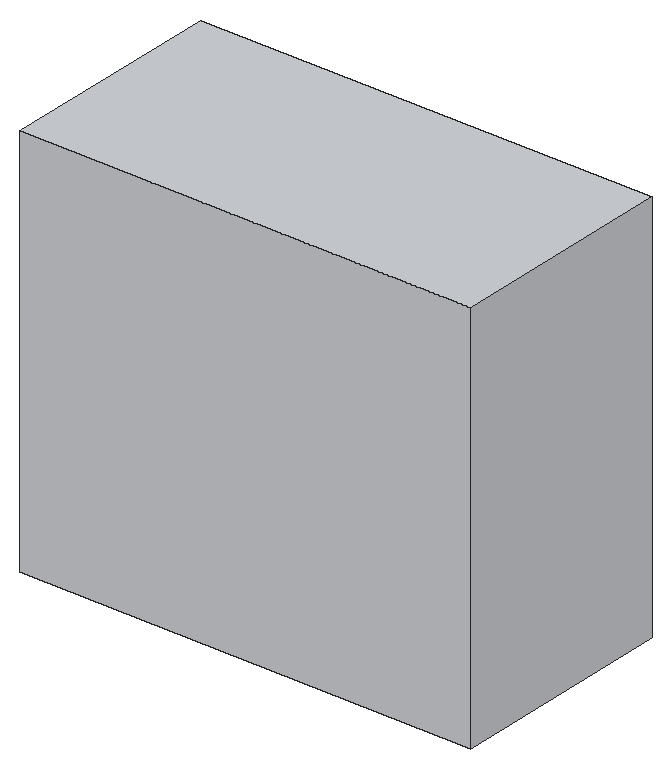
Revit family "5b7628f413424343bdb7b90fa7ced658", category Air Terminals, host Face, Revit 2021
Family settings
  Host = Face
  Round Connector Dimension = Use Diameter
  Part Type = Normal
  OmniClass Number = 23.40.40.14.21.11
  OmniClass Title = Food Service Hoods
  Seek Item ID = Grease Hood - Short Circuit - Wall-0000-USA-ENU
  Cut with Voids When Loaded = No
  Shared = No
  Room Calculation Point = No
Parameters (values of type "Standard")
  Width 2 [instance] = 0' - 6"
  Width 1 [instance] = Supply Air Duct Width / 2 + 0' 3"  # 0' - 7"
  Supply Pressure Drop [instance] = 0.20 in-wg
  Supply Air Flow [instance] = 2400 CFM
  Supply Air Duct Width [instance] = 8"
  Supply Air Duct Height [instance] = 8"
  Exhaust Pressure Drop [instance] = 0.55 in-wg
  Hood Width [instance] = 3' - 6"
  Hood Material = none
  Hood Length [instance] = 4' - 0"
  Exhaust Air Flow [instance] = 2400 CFM
  Exhaust Air Duct Width [instance] = 8"
  Exhaust Air Duct Height [instance] = 8"
  Default Elevation = 4' - 0"
Reference planes (in)
  plane 1 "Center (Front/Back)": y = 0
  plane 2: z = 0
  plane 3 "Center (Left/Right)": x = 0
  plane 4: z = 42
  plane 5: x = -24
  plane 6: x = 24
  plane 7: z = 6
  plane 8: z = 35
  plane 9: x = -4
  plane 10: x = 4
  plane 11: x = -4
  plane 12: x = 4
  plane 13: z = 39
  plane 14: z = 10
  plane 15: z = 31
  plane 16: z = 2
  plane 17: y = 24
  plane 18: y = 28
Forms (in)
  Extrusion 1, solid, material <- "Hood Material"
    sketch origin (0, 0, 0) x (1, 0, 0) y (0, 0, 1)
      loop
        line (-24, 42) -> (-24, 0) -> (24, 0) -> (24, 42) -> (-24, 42)
    from -24 to 0
  Extrusion 2, solid, material <- "Hood Material"
    sketch origin (0, 0, 0) x (1, 0, 0) y (0, 0, 1)
      loop
        line (-4, 39) -> (-4, 31) -> (4, 31) -> (4, 39) -> (-4, 39)
      loop
        line (-4, 10) -> (-4, 2) -> (4, 2) -> (4, 10) -> (-4, 10)
    from -28 to -24
Dimensions and locks (in)
  "Hood Width": plane 4 to plane 2
  equal spacing: plane 6, plane 3 "Center (Left/Right)", plane 5
  "Hood Length": plane 6 to plane 5
  "Width 1": plane 4 to plane 8
  "Width 2": plane 7 to plane 2
  equal spacing: plane 10, plane 3 "Center (Left/Right)", plane 9
  "Supply Air Duct Width": plane 10 to plane 9
  equal spacing: plane 12, plane 3 "Center (Left/Right)", plane 11
  "Exhaust Air Duct Width": plane 12 to plane 11
  equal spacing: plane 13, plane 8, plane 15
  "Supply Air Duct Height": plane 13 to plane 15
  equal spacing: plane 14, plane 7, plane 16
  "Exhaust Air Duct Height": plane 14 to plane 16
  locked: plane 17 to plane 1 "Center (Front/Back)" at 24
  locked: plane 18 to plane 17 at 4
  aligned and locked: plane 2 to host face
  aligned and locked: level to host face
  aligned and locked: plane 5 to Extrusion 1 sketch curve
  aligned and locked: Extrusion 1 sketch curve to plane 4
  aligned and locked: level to Extrusion 1 sketch curve
  aligned and locked: plane 6 to Extrusion 1 sketch curve
  aligned and locked: plane 9 to Extrusion 2 sketch curve
  aligned and locked: Extrusion 2 sketch curve to plane 13
  aligned and locked: plane 15 to Extrusion 2 sketch curve
  aligned and locked: plane 10 to Extrusion 2 sketch curve
  aligned and locked: plane 11 to Extrusion 2 sketch curve
  aligned and locked: Extrusion 2 sketch curve to plane 14
  aligned and locked: plane 16 to Extrusion 2 sketch curve
  aligned and locked: plane 12 to Extrusion 2 sketch curve
  aligned and locked: Extrusion 1 to plane 17
  aligned and locked: plane 1 "Center (Front/Back)" to Extrusion 1
  aligned and locked: Extrusion 2 to plane 18
  aligned and locked: plane 17 to Extrusion 2
Automatic sketch dimensions
  host sketch curve to host sketch curve = 8' - 0"  (x2)
Connectors (in)
  hvac at (0, 28, 35), driven by "Supply Air Duct Height", driven by "Supply Air Duct Width", driven by "Supply Air Flow", driven by "Supply Pressure Drop"
    settings: on Extrusion 2, index 1, duct flow 2400 CFM, flow factor 0, pres drop 0.20 in-wg, loss coef 0, conn angle 0.00°, conn width 8", conn height 8", conn diameter 24", duct sys type 1, conn prof type 1, flow config 1, flow direction 1, loss method 4, conn ref index -1, conn util no, is conn primary no, conn desc ""
  hvac at (0, 28, 6), driven by "Exhaust Air Duct Height", driven by "Exhaust Air Duct Width", driven by "Exhaust Pressure Drop", driven by "Exhaust Air Flow"
    settings: on Extrusion 2, index 2, duct flow 2400 CFM, flow factor 0, pres drop 0.55 in-wg, loss coef 0, conn angle 0.00°, conn width 8", conn height 8", conn diameter 24", duct sys type 3, conn prof type 1, flow config 1, flow direction 2, loss method 4, conn ref index -1, conn util no, is conn primary yes, conn desc ""
